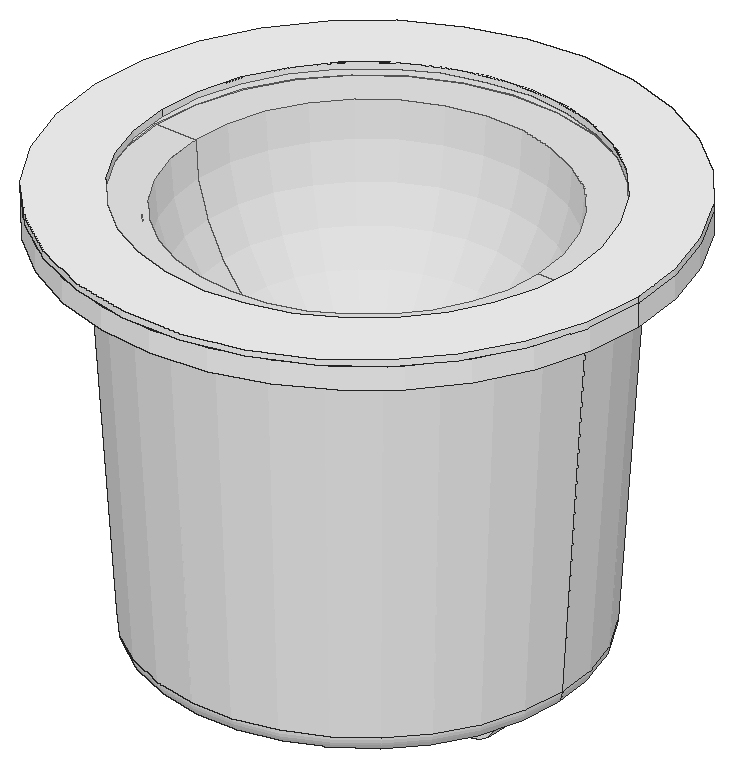
Revit family "2058900 Feilo Sylvania Lighting Fixture MYRD IP FL 4K PHDM BLK WBEZ", category Lighting Fixtures, host Face, Revit 2017
Family settings
  Host = Face
  Round Connector Dimension = Use Diameter
  Part Type = Normal
  OmniClass Number = 23.80.70.11.17
  OmniClass Title = Specialized Lighting by Location or Use
  Cut with Voids When Loaded = No
  Light Source = Yes
  Shared = No
  Room Calculation Point = No
Parameters
  Weight = "0.44 kg"
  Wattage = 10 W
  WarrantyStartDate [instance] = "n/a"
  WarrantyGuarantorParts = "n/a"
  WarrantyDurationUnit = "n/a"
  WarrantyDurationParts = "n/a"
  WarrantyDescription = "n/a"
  built-in parameter 1150110 = 1 (stored number, unit not read)
  Voltage = 230 V
  URL = "http://www.sylvania-lighting.com"
  TypeName = "MYRD IP FL 4K PHDM BLK WBEZ"
  Type Image = 0
  Type Comments = ""
  built-in parameter 1114217 = 1 (stored number, unit not read)
  Tilt Angle = -90°
  built-in parameter 1150109 = 1 (stored number, unit not read)
  built-in parameter 1150134 = 12
  built-in parameter 1150113 = 1 (stored number, unit not read)
  SerialNumber [instance] = "n/a"
  Reflector Radius = Cutout Diameter / 2 - 2.5 mm  # 35.0 mm
  Reflector Material = Aluminum_Sylvania_Myriad_Bright
  Recessed Depth = Height  # 72.0 mm
  PowerFactor = 0
  PowerConsumption = "10 W"
  Photometric Web File = ""
  NominalWidth = 0.0 mm
  NominalLength = 76.0 mm
  NominalHeight = 72.0 mm
  Name = "MYRD IP FL 4K PHDM BLK WBEZ"
  ModelReference = "MYRD IP FL 4K PHDM BLK WBEZ"
  ModelNumber = "2058900"
  Material = "Aluminium"
  ManufacturerName = "Feilo Sylvania"
  LuminousEfficacy = "98 lm/W"
  LuminaireType = "Ceiling recessed"
  LightOutputRatio = "1"
  LampsType = Lamp  # "LED"
  LampNominalLuminous = "977 lm"
  LampMacAdamStep = "n/a"
  LampColourTemperature = "4000 K"
  LampColourRenderingIndex = "n/a"
  Keynote = "16500"
  Keynote_2 = "16500"
  InstallationDate [instance] = "n/a"
  InputVoltage = "230-240V~"
  InputNominalFrequency = "50/60 Hz"
  IngressProtection = "IP65"
  ImpactProtectionIndex = "IK02"
  IfcExportType = "IfcLightFixtureType"
  IfcExportAs = "IfcLightFixtureType"
  Height = 72.0 mm  # constant formula
  ExpectedLife = 50000
  Emit from Circle Diameter = Accessory Inner Diameter 2  # 68.0 mm
  Emit Shape Visible in Rendering = no
  ElectricShockClassification = "Class II"
  DurationUnit = "hours"
  DocumentationLiterature = "http://www.sylvania-lighting.com/product/en-int/products/2058900"
  DimmingControlOptions = "Dimmable"
  Diffuser Material = Glass_Sylvania_Myriad_Clear_4000K
  Diffuser Diameter = Cutout Diameter  # 75.0 mm
  Cutout Diameter = 75.0 mm  # constant formula
  CreatedOn = "03-11-2017"
  CreatedBy = ""
  Cost = 0
  built-in parameter 1114216 [instance] = 1 (stored number, unit not read)
  built-in parameter 1150142 = (empty or 0)
  Model = "MYRD IP FL 4K PHDM BLK WBEZ"
  Manufacturer = "Feilo Sylvania"  # constant formula
  built-in parameter 1150105 = 77.986 (stored number, unit not read)
  Lumens = 980 lm
  built-in parameter 1150115 = 1 (stored number, unit not read)
  built-in parameter 1150137 = (empty or 0)
  built-in parameter 1150139 = (empty or 0)
  built-in parameter 1150112 = 1 (stored number, unit not read)
  built-in parameter 1150114 = 1 (stored number, unit not read)
  Lamp = "LED"
  built-in parameter 1150132 = (empty or 0)
  built-in parameter 1150102 = (empty or 0)
  built-in parameter 1150107 = 4000 (stored number, unit not read)
  built-in parameter 1150138 = (empty or 0)
  built-in parameter 1150106 = 0.77986 (stored number, unit not read)
  built-in parameter 1150104 = 9.1045 (stored number, unit not read)
  Dimming Lamp Color Temperature Shift = (empty or 0)
  Description = "Supplied complete with electronic control gear Compact Fluorescent low energy downlight Emergency version passes through the cut out Ideal for low level orientation lighting New range of Architectural accessories each providing a different lit dimension New completely flush plaster up accessory ring for clean ceiling lines and smooth finish Order lamp separately"  # constant formula
  Default Elevation = 0.0 mm
  Color Filter = 16777215
  built-in parameter 1140040 [instance] = 1
  Body Radius = Reflector Radius + 1.5 mm  # 36.5 mm
  Body Material = Aluminum_Sylvania_Myriad_Gray
  BarCode [instance] = "n/a"
  built-in parameter 1114218 = 1 (stored number, unit not read)
  built-in parameter 1150133 = 10 (stored number, unit not read)
  AssetType = "Fixed"
  AssetIdentifier [instance] = "n/a"
  Assembly Code = "D5020200"
  Apparent Load = 10 VA
  Accessory Material = Aluminum_Sylvania_Myriad_White
  Accessory Inner Diameter 2 = Accessory Diameter - 22.0 mm  # 68.0 mm
  Accessory Inner Diameter 1 = Accessory Diameter - 2.0 mm  # 88.0 mm
  Accessory Diameter = Cutout Diameter + 15.0 mm  # 90.0 mm
Reference planes
  plane 1 "Center (Front/Back)": y = 0
  plane 2: z = 0
  plane 3 "Center (Left/Right)": x = 0
  plane 4: z = 2
  plane 5 "Fixture Bottom": z = 4.5
  plane 6: z = -28.5
  plane 7: z = -61.5
  plane 8 "Fixture Top": z = -67.5
  plane 9: z = 3.5
Forms (mm)
  Revolve 1, solid, material "Aluminum_Sylvania_Myriad_Bright" <- "Reflector Material", detail levels fine
    sketch origin (0, 0, 0) x (1, 0, 0) y (0, 0, 1)
      loop
        line (0, -27.515) -> (-6, -27.515)
        arc (-6, -27.515) -> (-22.333, -16.632) -> (-28.5, 2) r 30.135
        line (-28.5, 2) -> (-35, 2) -> (-35, 0) -> (-29.184, 0)
        arc (-29.184, 0) -> (-22.423, -18.18) -> (-6, -28.5) r 30.204
        line (-6, -28.5) -> (0, -28.5) -> (0, -27.515)
      axis (0, -28.5) -> (0, 2)
    angle from 0 to 360
  Revolve 2, solid, material "Aluminum_Sylvania_Myriad_Gray" <- "Body Material", detail levels fine
    sketch origin (0, 0, 0) x (1, 0, 0) y (0, 0, 1)
      loop
        line (-44, 2) -> (-44, 0) -> (-36.5, 0) -> (-32.42, -58.708)
        arc (-32.42, -58.708) -> (-31.474, -60.694) -> (-29.428, -61.5) r 3
        line (-29.428, -61.5) -> (0, -61.5) -> (0, -28.5) -> (-6, -28.5)
        arc (-6, -28.5) -> (-22.423, -18.18) -> (-29.184, 0) r 30.204
        line (-29.184, 0) -> (-35, 0) -> (-35, 2) -> (-44, 2)
      axis (0, 2) -> (0, -61.5)
    angle from 0 to 360
  Extrusion 3, solid, material "Aluminum_Sylvania_Myriad_Gray" <- "Body Material", detail levels fine
    sketch origin (0, 0, 0) x (1, 0, 0) y (0, 0, 1)
      loop
        line (-13.5, -67.5) -> (21, -67.5)
        arc (21, -67.5) -> (23.828, -66.328) -> (25, -63.5) r 4
        line (25, -63.5) -> (25, -61.5) -> (-17.5, -61.5) -> (-17.5, -63.5)
        arc (-17.5, -63.5) -> (-16.328, -66.328) -> (-13.5, -67.5) r 4
    from -4.5 to 4.5
  Extrusion 4, solid, material "Aluminum_Sylvania_Myriad_White" <- "Accessory Material", detail levels fine
    sketch origin (0, 0, 0) x (1, 0, 0) y (0, 1, 0)
      loop
        circle (0, 0) r 45
      loop
        circle (0, 0) r 44
    from 0 to 3.5
  Extrusion 5, solid, material "Aluminum_Sylvania_Myriad_White" <- "Accessory Material", detail levels fine
    sketch origin (0, 0, 0) x (1, 0, 0) y (0, 1, 0)
      loop
        circle (0, 0) r 45
      loop
        circle (0, 0) r 34
    from 3.5 to 4.5
  Extrusion 6, solid, material "Aluminum_Sylvania_Myriad_White" <- "Accessory Material", detail levels coarse+medium
    sketch origin (0, 0, 0) x (1, 0, 0) y (0, 1, 0)
      loop
        circle (0, 0) r 45
    from 0 to 4.5
  Revolve 7, solid, detail levels coarse+medium
    sketch origin (0, 0, 0) x (1, 0, 0) y (0, 0, 1)
      loop
        line (36.5, 0) -> (0, 0) -> (0, -61.5) -> (32.226, -61.5) -> (36.5, 0)
      axis (0, 0) -> (0, -61.5)
    angle from 0 to 360
  Extrusion 8, void
    sketch origin (0, 0, 0) x (1, 0, 0) y (0, 1, 0)
      loop
        circle (0, 0) r 37.5
    from -67.5 to 0
  Extrusion 9, solid, material "Glass_Sylvania_Myriad_Clear_4000K" <- "Diffuser Material", detail levels fine
    sketch origin (0, 0, 0) x (1, 0, 0) y (0, 1, 0)
      loop
        circle (0, 0) r 37.5
    from 2 to 3.5
Cuts and joins
  joined: Extrusion 4, Extrusion 5
Lines and regions (mm)
  Masking region 1
    outline origin (0, 0, 0) x (1, 0, 0) y (0, 1, 0)
      loop
        circle (0, 0) r 45
  symbolic lines
    curve 1: arc (-34, 0, 0) -> (0, 34, 0) -> (34, 0, 0) r 34
    curve 2: arc (34, 0, 0) -> (0, -34, 0) -> (-34, 0, 0) r 34
Dimensions and locks
  locked: plane 7 to plane 8 "Fixture Top" at 6
  "Body Radius": Revolve 7 sketch curve to plane 3 "Center (Left/Right)"
  locked: Revolve 7 sketch curve to Revolve 7 sketch curve at 4.274
  plane 5 "Fixture Bottom" to plane 9 to plane 4 to plane 2 to plane 6 = 1.0 mm locked, 1.5 mm locked, 2.0 mm locked, 28.5 mm locked
  "Reflector Radius": Revolve 1 sketch curve to plane 3 "Center (Left/Right)"
  Revolve 1 sketch curve to Revolve 1 sketch curve to Revolve 1 sketch curve to Revolve 1 sketch curve = 6.5 mm locked, 22.5 mm locked, 0.0 mm locked
  "Reflector Radius": plane 3 "Center (Left/Right)" to Revolve 2 sketch curve
  Revolve 2 sketch curve to Revolve 2 sketch curve to Revolve 2 sketch curve = 7.5 mm locked, 1.5 mm locked
  Revolve 2 sketch curve to Revolve 2 sketch curve to Revolve 2 sketch curve = 5.816 mm locked, 23.184 mm locked
  Revolve 2 sketch curve to Revolve 2 sketch curve to Revolve 2 sketch curve = 2.58 mm locked, 2.993 mm locked
  "Accessory Diameter": diameter of Extrusion 4 sketch curve
  "Accessory Inner Diameter 1": diameter of Extrusion 4 sketch curve
  "Accessory Diameter": diameter of Extrusion 5 sketch curve
  "Accessory Diameter": diameter of Extrusion 6 sketch curve
  "Cutout Diameter": diameter of Extrusion 8 sketch curve
  "Accessory Inner Diameter 2": diameter of Extrusion 5 sketch curve
  "Diffuser Diameter": diameter of Extrusion 9 sketch curve
  aligned and locked: plane 2 to host face
  aligned and locked: level to host face
  aligned and locked: plane 1 "Center (Front/Back)" to imposter light
  aligned and locked: plane 3 "Center (Left/Right)" to imposter light
  aligned and locked: Revolve 1 sketch curve to imposter light
  aligned and locked: Extrusion 3 sketch curve to plane 8 "Fixture Top"
  aligned and locked: plane 7 to Extrusion 3 sketch curve
  aligned and locked: Extrusion 4 to plane 2
  aligned and locked: plane 9 to Extrusion 4
  aligned and locked: Extrusion 5 to plane 9
  aligned and locked: plane 5 "Fixture Bottom" to Extrusion 5
  aligned and locked: Extrusion 6 to plane 2
  aligned and locked: plane 5 "Fixture Bottom" to Extrusion 6
  aligned and locked: Extrusion 8 to plane 8 "Fixture Top"
  aligned and locked: plane 2 to Extrusion 8
  aligned and locked: Masking region 1 sketch curve to Extrusion 6  (x2)
  aligned and locked: Extrusion 9 to plane 4
  aligned and locked: plane 9 to Extrusion 9
  aligned and locked: plane 4 to Revolve 2 sketch curve
  aligned and locked: Revolve 2 sketch curve to plane 2
  aligned and locked: curve 1 to cut or joined group of Extrusion 4, Extrusion 5
  aligned and locked: curve 2 to cut or joined group of Extrusion 4, Extrusion 5
  aligned and locked: imposter light to plane 5 "Fixture Bottom"
Automatic sketch dimensions
  host sketch curve to host sketch curve = 1305.563 mm
  host sketch curve to host sketch curve = 1283.632 mm
  Extrusion 3 sketch curve to plane 7 = 2.0 mm
  Extrusion 3 sketch curve to plane 3 "Center (Left/Right)" = 13.5 mm
  plane 3 "Center (Left/Right)" to Extrusion 3 sketch curve = 21.0 mm
  Extrusion 3 sketch curve to Extrusion 3 sketch curve = 4.0 mm
  Revolve 1 sketch curve to level = 0.0 mm
  Revolve 1 sketch curve to plane 3 "Center (Left/Right)" = 0.0 mm
  Revolve 1 sketch curve to plane 6 = 0.0 mm
  Revolve 1 sketch curve to plane 4 = 0.0 mm
  Revolve 1 sketch curve to Revolve 1 sketch curve = 0.684 mm
  level to Revolve 1 sketch curve = 0.88 mm
  Revolve 1 sketch curve to plane 4 = 0.363 mm
  Revolve 1 sketch curve to Revolve 1 sketch curve = 0.625 mm
  Revolve 1 sketch curve to plane 8 "Fixture Top" = 232.8 mm
  plane 5 "Fixture Bottom" to Revolve 1 sketch curve = 291.243 mm
  Revolve 2 sketch curve to plane 3 "Center (Left/Right)" = 0.0 mm  (x2)
  Revolve 2 sketch curve to plane 7 = 0.0 mm
  Revolve 2 sketch curve to plane 6 = 0.0 mm
  Revolve 2 sketch curve to level = 0.0 mm
  level to Revolve 2 sketch curve = 0.88 mm
  plane 7 to Revolve 2 sketch curve = 2.792 mm
  Revolve 2 sketch curve to plane 8 "Fixture Top" = 304.774 mm
  plane 5 "Fixture Bottom" to Revolve 2 sketch curve = 1137.105 mm
  Extrusion 4 sketch curve to Extrusion 4 sketch curve = 0.0 mm  (x2)
  plane 1 "Center (Front/Back)" to Extrusion 4 sketch curve = 0.0 mm
  Extrusion 4 sketch curve to plane 3 "Center (Left/Right)" = 0.0 mm
  Extrusion 5 sketch curve to Extrusion 5 sketch curve = 0.0 mm  (x2)
  plane 1 "Center (Front/Back)" to Extrusion 5 sketch curve = 0.0 mm
  Extrusion 5 sketch curve to plane 3 "Center (Left/Right)" = 0.0 mm
  plane 1 "Center (Front/Back)" to Extrusion 6 sketch curve = 0.0 mm
  Extrusion 6 sketch curve to plane 3 "Center (Left/Right)" = 0.0 mm
  Revolve 7 sketch curve to level = 0.0 mm
  Revolve 7 sketch curve to plane 3 "Center (Left/Right)" = 0.0 mm  (x2)
  Revolve 7 sketch curve to plane 7 = 0.0 mm
  Revolve 7 sketch curve to plane 8 "Fixture Top" = 304.774 mm
  plane 5 "Fixture Bottom" to Revolve 7 sketch curve = 43.226 mm
  plane 1 "Center (Front/Back)" to Extrusion 8 sketch curve = 0.0 mm
  Extrusion 8 sketch curve to plane 3 "Center (Left/Right)" = 0.0 mm
  plane 1 "Center (Front/Back)" to Extrusion 9 sketch curve = 0.0 mm
  Extrusion 9 sketch curve to plane 3 "Center (Left/Right)" = 0.0 mm
Connectors
  electrical at (-0.006, -0.019, -67.5), driven by "Apparent Load", driven by "Apparent Load"
    settings: on plane 8 "Fixture Top", index 1, voltage 230 V, apparent load 10 VA, apparent load phase1 10 VA, apparent load phase2 0 VA, apparent load phase3 0 VA, power factor 1, load classification "Lighting", number of poles 1, system type 30, power factor state 1, is connector primary yes, connector utility no, sub classification motor no, connector description ""
